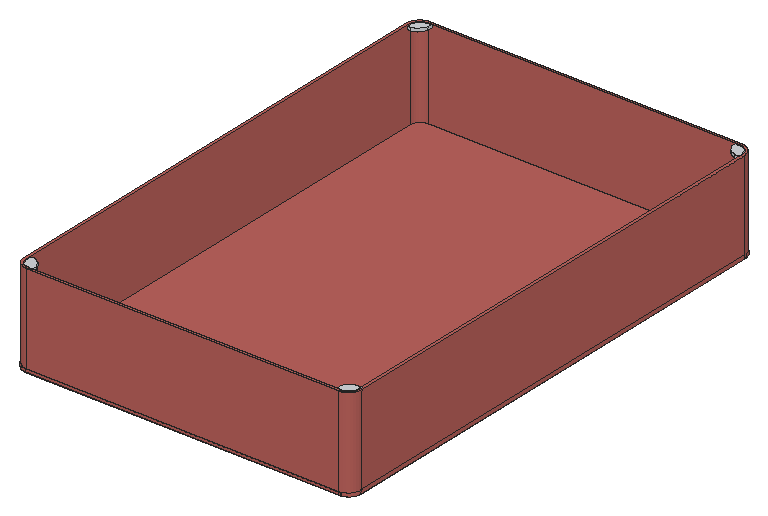
Revit family "Building-RicaricaVeicoliElettrici-GEWISS-JOINON-ICON_SCATOLA-INCASSO", category Apparecchi elettrici, host Superficie, Revit 2019 (continued)
Definition of nested family "2D - 48PTDIN CASSETTE DERIVAZIONE INCASSO"
  Lines and regions (mm)
    detail lines, in view "Livello rif.", not visible, detail levels medium+fine
      curve 359: line (-34.07, -268.868, 0) -> (-34.07, -264.782, 0)
      curve 360: line (-34.07, -264.782, 0) -> (-26.632, -264.782, 0)
      curve 361: line (-26.632, -264.782, 0) -> (-26.632, -263.474, 0)
      curve 362: line (-35.378, -268.868, 0) -> (-35.378, -259.387, 0)
      curve 363: line (-35.378, -259.387, 0) -> (-39.465, -259.387, 0)
      curve 364: line (-39.465, -259.387, 0) -> (-39.465, -268.868, 0)
      curve 365: line (-39.465, -268.868, 0) -> (-35.378, -268.868, 0)
      curve 366: line (-60.43, -253.992, 0) -> (-60.43, -258.079, 0)
      curve 367: line (-60.43, -258.079, 0) -> (-55.812, -258.079, 0)
      curve 368: line (-55.812, -258.079, 0) -> (-53.196, -268.868, 0)
      curve 369: line (-53.196, -268.868, 0) -> (-49.109, -268.868, 0)
      curve 370: line (-49.109, -268.868, 0) -> (-47.904, -262.738, 0)
      curve 371: line (-47.904, -262.738, 0) -> (-46.698, -268.868, 0)
      curve 372: line (-46.698, -268.868, 0) -> (-42.611, -268.868, 0)
      curve 373: line (-42.611, -268.868, 0) -> (-40.2, -258.079, 0)
      curve 374: line (-40.2, -258.079, 0) -> (-35.378, -258.079, 0)
      curve 375: line (-35.378, -258.079, 0) -> (-35.378, -253.992, 0)
      curve 376: line (-35.378, -253.992, 0) -> (-43.347, -253.992, 0)
      curve 377: line (-43.347, -253.992, 0) -> (-44.818, -260.286, 0)
      curve 378: line (-44.818, -260.286, 0) -> (-45.84, -253.992, 0)
      curve 379: line (-45.84, -253.992, 0) -> (-50.09, -253.992, 0)
      curve 380: line (-50.09, -253.992, 0) -> (-51.112, -260.286, 0)
      curve 381: line (-51.112, -260.286, 0) -> (-52.583, -253.992, 0)
      curve 382: line (-52.583, -253.992, 0) -> (-60.43, -253.992, 0)
      curve 383: line (-67.868, -268.868, 0) -> (-67.868, -253.992, 0)
      curve 384: line (-67.868, -253.992, 0) -> (-61.738, -253.992, 0)
      curve 385: line (-61.738, -253.992, 0) -> (-61.738, -258.079, 0)
      curve 386: line (-61.738, -258.079, 0) -> (-63.781, -258.079, 0)
      curve 387: line (-63.781, -258.079, 0) -> (-63.781, -259.387, 0)
      curve 388: line (-63.781, -259.387, 0) -> (-56.343, -259.387, 0)
      curve 389: line (-56.343, -259.387, 0) -> (-56.343, -263.474, 0)
      curve 390: line (-56.343, -263.474, 0) -> (-63.781, -263.474, 0)
      curve 391: line (-63.781, -263.474, 0) -> (-63.781, -264.782, 0)
      curve 392: line (-63.781, -264.782, 0) -> (-56.343, -264.782, 0)
      curve 393: line (-56.343, -264.782, 0) -> (-56.343, -268.868, 0)
      curve 394: line (-56.343, -268.868, 0) -> (-67.868, -268.868, 0)
      curve 395: line (-73.263, -264.782, 0) -> (-73.263, -259.387, 0)
      curve 396: line (-73.263, -259.387, 0) -> (-69.176, -259.387, 0)
      curve 397: line (-69.176, -259.387, 0) -> (-69.176, -268.868, 0)
      curve 398: line (-69.176, -268.868, 0) -> (-72.854, -268.868, 0)
      curve 399: line (-72.854, -268.868, 0) -> (-76.081, -268.132, 0)
      curve 400: line (-76.081, -268.132, 0) -> (-78.669, -266.068, 0)
      curve 401: line (-78.669, -266.068, 0) -> (-80.106, -263.086, 0)
      curve 402: line (-80.106, -263.086, 0) -> (-80.106, -259.775, 0)
      curve 403: line (-80.106, -259.775, 0) -> (-78.669, -256.793, 0)
      curve 404: line (-78.669, -256.793, 0) -> (-76.081, -254.729, 0)
      curve 405: line (-76.081, -254.729, 0) -> (-72.854, -253.992, 0)
      curve 406: line (-72.854, -253.992, 0) -> (-69.176, -253.992, 0)
      curve 407: line (-69.176, -253.992, 0) -> (-69.176, -258.079, 0)
      curve 408: line (-69.176, -258.079, 0) -> (-74.571, -258.079, 0)
      curve 409: line (-74.571, -258.079, 0) -> (-74.571, -264.782, 0)
      curve 410: line (-74.571, -264.782, 0) -> (-73.263, -264.782, 0)
      curve 460: line (-21.237, -236.621, 0) -> (-21.237, -246.102, 0)
      curve 461: line (-21.237, -246.102, 0) -> (-15.311, -246.102, 0)
      curve 462: line (-15.311, -246.102, 0) -> (-15.311, -247.41, 0)
      curve 463: line (-15.311, -247.41, 0) -> (-21.237, -247.41, 0)
      curve 464: line (-21.237, -247.41, 0) -> (-21.237, -251.497, 0)
      curve 465: line (-21.237, -251.497, 0) -> (-17.559, -251.497, 0)
      curve 466: line (-17.559, -251.497, 0) -> (-14.906, -251.008, 0)
      curve 467: line (-14.906, -251.008, 0) -> (-12.602, -249.604, 0)
      curve 468: line (-12.602, -249.604, 0) -> (-10.95, -247.472, 0)
      curve 469: line (-10.95, -247.472, 0) -> (-10.168, -244.89, 0)
      curve 470: line (-10.168, -244.89, 0) -> (-10.37, -242.015, 0)
      curve 471: line (-10.37, -242.015, 0) -> (-17.15, -242.015, 0)
      curve 472: line (-17.15, -242.015, 0) -> (-17.15, -240.708, 0)
      curve 473: line (-17.15, -240.708, 0) -> (-11.33, -240.708, 0)
      curve 474: line (-11.33, -240.708, 0) -> (-11.172, -240.65, 0)
      curve 475: line (-11.172, -240.65, 0) -> (-11.088, -240.505, 0)
      curve 476: line (-11.088, -240.505, 0) -> (-11.118, -240.34, 0)
      curve 477: line (-11.118, -240.34, 0) -> (-12.778, -238.361, 0)
      curve 478: line (-12.778, -238.361, 0) -> (-15.015, -237.069, 0)
      curve 479: line (-15.015, -237.069, 0) -> (-17.559, -236.621, 0)
      curve 480: line (-17.559, -236.621, 0) -> (-21.237, -236.621, 0)
      curve 481: line (-26.632, -246.102, 0) -> (-34.07, -246.102, 0)
      curve 482: line (-34.07, -246.102, 0) -> (-34.07, -236.621, 0)
      curve 483: line (-34.07, -236.621, 0) -> (-22.545, -236.621, 0)
      curve 484: line (-22.545, -236.621, 0) -> (-22.545, -240.708, 0)
      curve 485: line (-22.545, -240.708, 0) -> (-29.983, -240.708, 0)
      curve 486: line (-29.983, -240.708, 0) -> (-29.983, -242.015, 0)
      curve 487: line (-29.983, -242.015, 0) -> (-22.545, -242.015, 0)
      curve 488: line (-22.545, -242.015, 0) -> (-22.545, -251.497, 0)
      curve 489: line (-22.545, -251.497, 0) -> (-34.07, -251.497, 0)
      curve 490: line (-34.07, -251.497, 0) -> (-34.07, -247.41, 0)
      curve 491: line (-34.07, -247.41, 0) -> (-26.632, -247.41, 0)
      curve 492: line (-26.632, -247.41, 0) -> (-26.632, -246.102, 0)
      curve 493: line (-35.378, -251.497, 0) -> (-35.378, -242.015, 0)
      curve 494: line (-35.378, -242.015, 0) -> (-39.465, -242.015, 0)
      curve 495: line (-39.465, -242.015, 0) -> (-39.465, -251.497, 0)
      curve 496: line (-39.465, -251.497, 0) -> (-35.378, -251.497, 0)
      curve 497: line (-60.43, -236.621, 0) -> (-60.43, -240.708, 0)
      curve 498: line (-60.43, -240.708, 0) -> (-55.812, -240.708, 0)
      curve 499: line (-55.812, -240.708, 0) -> (-53.196, -251.497, 0)
      curve 500: line (-53.196, -251.497, 0) -> (-49.109, -251.497, 0)
      curve 501: line (-49.109, -251.497, 0) -> (-47.904, -245.367, 0)
      curve 502: line (-47.904, -245.367, 0) -> (-46.698, -251.497, 0)
      curve 503: line (-46.698, -251.497, 0) -> (-42.611, -251.497, 0)
      curve 504: line (-42.611, -251.497, 0) -> (-40.2, -240.708, 0)
      curve 505: line (-40.2, -240.708, 0) -> (-35.378, -240.708, 0)
      curve 506: line (-35.378, -240.708, 0) -> (-35.378, -236.621, 0)
      curve 507: line (-35.378, -236.621, 0) -> (-43.347, -236.621, 0)
      curve 508: line (-43.347, -236.621, 0) -> (-44.818, -242.915, 0)
      curve 509: line (-44.818, -242.915, 0) -> (-45.84, -236.621, 0)
      curve 510: line (-45.84, -236.621, 0) -> (-50.09, -236.621, 0)
      curve 511: line (-50.09, -236.621, 0) -> (-51.112, -242.915, 0)
      curve 512: line (-51.112, -242.915, 0) -> (-52.583, -236.621, 0)
      curve 513: line (-52.583, -236.621, 0) -> (-60.43, -236.621, 0)
      curve 514: line (-67.868, -251.497, 0) -> (-67.868, -236.621, 0)
      curve 515: line (-67.868, -236.621, 0) -> (-61.738, -236.621, 0)
      curve 516: line (-61.738, -236.621, 0) -> (-61.738, -240.708, 0)
      curve 517: line (-61.738, -240.708, 0) -> (-63.781, -240.708, 0)
      curve 518: line (-63.781, -240.708, 0) -> (-63.781, -242.015, 0)
      curve 519: line (-63.781, -242.015, 0) -> (-56.343, -242.015, 0)
      curve 520: line (-56.343, -242.015, 0) -> (-56.343, -246.102, 0)
      curve 521: line (-56.343, -246.102, 0) -> (-63.781, -246.102, 0)
      curve 522: line (-63.781, -246.102, 0) -> (-63.781, -247.41, 0)
      curve 523: line (-63.781, -247.41, 0) -> (-56.343, -247.41, 0)
      curve 524: line (-56.343, -247.41, 0) -> (-56.343, -251.497, 0)
      curve 525: line (-56.343, -251.497, 0) -> (-67.868, -251.497, 0)
      curve 526: line (-73.263, -247.41, 0) -> (-73.263, -242.015, 0)
      curve 527: line (-73.263, -242.015, 0) -> (-69.176, -242.015, 0)
      curve 528: line (-69.176, -242.015, 0) -> (-69.176, -251.497, 0)
      curve 529: line (-69.176, -251.497, 0) -> (-72.854, -251.497, 0)
      curve 530: line (-72.854, -251.497, 0) -> (-76.081, -250.76, 0)
      curve 531: line (-76.081, -250.76, 0) -> (-78.669, -248.696, 0)
      curve 532: line (-78.669, -248.696, 0) -> (-80.106, -245.714, 0)
      curve 533: line (-80.106, -245.714, 0) -> (-80.106, -242.404, 0)
      curve 534: line (-80.106, -242.404, 0) -> (-78.669, -239.421, 0)
      curve 535: line (-78.669, -239.421, 0) -> (-76.081, -237.357, 0)
      curve 536: line (-76.081, -237.357, 0) -> (-72.854, -236.621, 0)
      curve 537: line (-72.854, -236.621, 0) -> (-69.176, -236.621, 0)
      curve 538: line (-69.176, -236.621, 0) -> (-69.176, -240.708, 0)
      curve 539: line (-69.176, -240.708, 0) -> (-74.571, -240.708, 0)
      curve 540: line (-74.571, -240.708, 0) -> (-74.571, -247.41, 0)
      curve 541: line (-74.571, -247.41, 0) -> (-73.263, -247.41, 0)
  Dimensions and locks
    equal spacing: plane 4, plane 3 "Centro (Sinistra/Destra)", plane 5
    equal spacing: plane 6, plane 1 "Centro (Fronte/Retro)", plane 7
    "Larghezza": plane 6 to plane 7
    "Lunghezza": plane 4 to plane 5
    locked: plane 4 to curve 149 at 17.894
    locked: curve 99 to plane 6 at 17.619
    aligned and locked: curve 73 to plane 6
    aligned and locked: curve 326 to plane 7
    aligned and locked: plane 5 to curve 327
    aligned and locked: plane 4 to curve 72
  Automatic sketch dimensions
    curve 43 to curve 55 = 0 mm  (x2)
    curve 43 to curve 63 = 0 mm  (x2)
    curve 43 to curve 64 = 0 mm  (x2)
    curve 46 to curve 57 = 0 mm  (x2)
    curve 46 to curve 66 = 0 mm  (x2)
    curve 46 to curve 68 = 0 mm  (x2)
    curve 49 to curve 56 = 0 mm  (x2)
    curve 49 to curve 61 = 0 mm  (x2)
    curve 49 to curve 62 = 0 mm  (x2)
    curve 52 to curve 58 = 0 mm  (x2)
    curve 52 to curve 65 = 0 mm  (x2)
    curve 52 to curve 67 = 0 mm  (x2)
    curve 27 to plane 4 = 0 mm
    plane 1 "Centro (Fronte/Retro)" to curve 286 = 0 mm
    curve 326 to plane 7 = 0 mm
    curve 27 to plane 6 = 0 mm
    curve 328 to plane 3 "Centro (Sinistra/Destra)" = 0 mm
    plane 1 "Centro (Fronte/Retro)" to curve 226 = 0 mm
    curve 28 to plane 5 = 0 mm
    plane 4 to curve 48 = 1.813 mm
    plane 4 to curve 54 = 1.813 mm
    curve 54 to curve 52 = 0.187 mm
    curve 48 to curve 46 = 0.187 mm
    curve 70 to curve 52 = 0 mm
    curve 60 to curve 46 = 0 mm
    curve 70 to curve 53 = 1.502 mm
    curve 60 to curve 47 = 1.502 mm
    plane 4 to curve 33 = 5.985 mm
    plane 4 to curve 38 = 5.985 mm
    curve 33 to curve 40 = 4.014 mm
    curve 40 to curve 30 = 0.001 mm  (x2)
    curve 38 to curve 27 = 4.015 mm
    curve 27 to curve 42 = 0.006 mm
    curve 42 to curve 37 = 0.009 mm
    curve 40 to curve 34 = 0.016 mm
    curve 36 to plane 5 = 10.015 mm
    curve 31 to plane 5 = 10.015 mm
    curve 31 to curve 39 = 0.013 mm
    curve 39 to curve 29 = 0.002 mm
    curve 36 to curve 28 = 0.015 mm
    curve 29 to curve 32 = 4.015 mm
    curve 41 to curve 35 = 4.008 mm
    curve 50 to plane 5 = 3.502 mm
    curve 44 to plane 5 = 3.502 mm
    curve 50 to curve 56 = 1.502 mm
    curve 44 to curve 63 = 1.502 mm
    curve 69 to curve 49 = 0 mm
    curve 59 to curve 43 = 0 mm
    curve 43 to curve 45 = 0.187 mm
    curve 49 to curve 51 = 0.187 mm
    plane 7 to curve 44 = 1.813 mm
    plane 7 to curve 47 = 1.813 mm
    curve 47 to curve 60 = 0.185 mm
    curve 44 to curve 59 = 0.185 mm
    curve 59 to curve 63 = 0.002 mm
    curve 60 to curve 66 = 0.002 mm
    curve 43 to curve 45 = 1.502 mm
    curve 46 to curve 48 = 1.502 mm
    curve 31 to curve 29 = 4.015 mm
    curve 34 to curve 30 = 4.015 mm
    curve 29 to curve 39 = 0.006 mm
    curve 39 to curve 32 = 0.01 mm
    curve 40 to curve 33 = 0.017 mm
    curve 38 to curve 27 = 0.015 mm
    curve 35 to curve 28 = 0.015 mm
    curve 42 to curve 27 = 0.002 mm
    curve 28 to curve 41 = 0.006 mm
    curve 41 to curve 36 = 4.009 mm
    curve 27 to curve 37 = 4.015 mm
    curve 51 to plane 6 = 3.502 mm
    curve 54 to plane 6 = 3.502 mm
    curve 54 to curve 52 = 1.502 mm
    curve 51 to curve 61 = 1.502 mm
    curve 49 to curve 69 = 0.002 mm
    curve 52 to curve 70 = 0.002 mm
    curve 70 to curve 53 = 0.185 mm
    curve 69 to curve 50 = 0.185 mm
    plane 4 to curve 65 = 2.57 mm
    plane 4 to curve 68 = 2.57 mm
    curve 68 to curve 68 = 1.201 mm
    curve 65 to curve 53 = 1.201 mm
    curve 159 to curve 33 = 1.105 mm  (x2)
    curve 162 to curve 38 = 1.105 mm
    curve 162 to curve 38 = 0 mm
    curve 159 to curve 33 = 0 mm  (x2)
    curve 47 to curve 47 = 1.641 mm
    curve 53 to curve 53 = 1.641 mm
    curve 47 to curve 66 = 0.626 mm
    curve 53 to curve 67 = 0.626 mm
    curve 67 to curve 281 = 0.003 mm
    curve 66 to curve 277 = 0.003 mm
    curve 281 to curve 282 = 0.006 mm
    curve 277 to curve 278 = 0.006 mm
    plane 4 to curve 289 = 6.068 mm
    plane 1 "Centro (Fronte/Retro)" to curve 276 = 0.75 mm
    plane 4 to curve 276 = 6.068 mm
    curve 282 to curve 283 = 0.193 mm
    curve 278 to curve 278 = 0.193 mm
    curve 279 to curve 186 = 0.801 mm
    curve 281 to curve 283 = 0.801 mm
    curve 33 to curve 158 = 1.108 mm
    curve 38 to curve 38 = 1.11 mm
    curve 194 to curve 196 = 0.497 mm
    curve 273 to curve 173 = 1.47 mm
    curve 289 to curve 174 = 1.47 mm
    curve 279 to curve 187 = 0.497 mm
    curve 268 to curve 185 = 1.47 mm
    curve 185 to curve 46 = 0 mm
    curve 194 to curve 52 = 0 mm
    curve 162 to curve 37 = 1.11 mm
    curve 34 to curve 34 = 1.108 mm
    curve 174 to curve 288 = 2.962 mm
    curve 186 to curve 267 = 3.459 mm
    curve 283 to curve 292 = 3.459 mm
    curve 274 to curve 267 = 0 mm
    curve 34 to curve 34 = 1.105 mm
    curve 37 to curve 37 = 1.105 mm
    curve 37 to curve 163 = 0 mm
    curve 34 to curve 158 = 0 mm  (x2)
    curve 266 to curve 320 = 1.5 mm
    curve 163 to curve 197 = 1.842 mm
    curve 158 to curve 182 = 1.842 mm
    curve 182 to curve 46 = 0 mm  (x2)
    curve 197 to curve 52 = 0 mm
    curve 182 to curve 272 = 0.237 mm
    curve 197 to curve 198 = 0.237 mm
    curve 306 to curve 304 = 0.324 mm
    curve 271 to curve 272 = 0.324 mm
    curve 307 to plane 6 = 6.24 mm
    curve 307 to curve 58 = 0.052 mm
    curve 270 to curve 57 = 0.052 mm
    curve 305 to plane 6 = 6.046 mm
    curve 58 to curve 305 = 0.015 mm
    plane 7 to curve 269 = 6.046 mm
    curve 57 to curve 269 = 0.015 mm
    plane 7 to curve 270 = 6.041 mm
    curve 269 to curve 270 = 0.002 mm
    curve 304 to plane 6 = 6.041 mm
    curve 305 to curve 304 = 0.002 mm
    curve 304 to curve 54 = 0.183 mm
    curve 270 to curve 57 = 0.183 mm
    curve 54 to curve 70 = 0.149 mm
    curve 48 to curve 60 = 0.149 mm
    curve 54 to curve 70 = 0.117 mm
    curve 48 to curve 60 = 0.117 mm
    curve 46 to curve 265 = 7.537 mm
    curve 52 to curve 294 = 7.537 mm
    curve 265 to curve 320 = 0.555 mm
    curve 293 to curve 322 = 0.555 mm
    curve 322 to curve 294 = 13.395 mm
    curve 319 to curve 184 = 13.395 mm
    curve 264 to curve 261 = 1.5 mm
    curve 294 to curve 298 = 1.5 mm
    curve 299 to plane 6 = 11 mm
    curve 299 to plane 3 "Centro (Sinistra/Destra)" = 23.15 mm
    plane 7 to curve 260 = 6.068 mm
    curve 260 to plane 3 "Centro (Sinistra/Destra)" = 23.15 mm
    curve 260 to curve 258 = 1.5 mm
    curve 299 to curve 300 = 1.5 mm
    curve 257 to curve 319 = 10.282 mm
    curve 301 to curve 303 = 10.282 mm
    curve 256 to curve 318 = 0 mm
    curve 324 to curve 303 = 0 mm
    curve 256 to plane 3 "Centro (Sinistra/Destra)" = 1.2 mm
    curve 303 to plane 3 "Centro (Sinistra/Destra)" = 1.2 mm
    plane 3 "Centro (Sinistra/Destra)" to curve 208 = 1.2 mm
    plane 3 "Centro (Sinistra/Destra)" to curve 244 = 1.2 mm
    curve 315 to curve 314 = 10.168 mm
    curve 244 to curve 244 = 10.168 mm
    curve 309 to curve 244 = 0 mm
    curve 209 to curve 314 = 0 mm
    curve 208 to curve 201 = 10.282 mm
    curve 244 to curve 246 = 10.282 mm
    curve 246 to curve 248 = 1.5 mm
    curve 201 to curve 168 = 1.5 mm
    curve 250 to curve 31 = 25.935 mm
    curve 213 to plane 6 = 11 mm
    curve 213 to curve 28 = 25.95 mm
    curve 168 to curve 188 = 1.5 mm
    curve 249 to curve 235 = 1.5 mm
    curve 310 to curve 39 = 11.119 mm
    curve 313 to curve 28 = 11.055 mm
    curve 313 to curve 217 = 0.555 mm
    curve 310 to curve 233 = 0.621 mm
    curve 59 to curve 39 = 4.039 mm
    curve 69 to curve 41 = 4.048 mm
    curve 59 to curve 59 = 0.117 mm
    curve 69 to curve 51 = 0.117 mm
    curve 59 to curve 55 = 0.149 mm
    curve 51 to curve 56 = 0.149 mm
    curve 204 to plane 6 = 6.041 mm
    curve 51 to curve 204 = 0.183 mm
    plane 7 to curve 252 = 6.041 mm
    curve 45 to curve 252 = 0.183 mm
    curve 205 to plane 6 = 6.046 mm
    curve 204 to curve 205 = 0.002 mm
    plane 7 to curve 253 = 6.046 mm
    curve 252 to curve 253 = 0.002 mm
    curve 252 to curve 55 = 0.017 mm
    curve 204 to curve 56 = 0.017 mm
    curve 207 to plane 6 = 6.24 mm
    curve 205 to curve 207 = 0.067 mm
    curve 253 to curve 253 = 0.067 mm
    plane 7 to curve 254 = 6.24 mm
    curve 252 to curve 180 = 0.324 mm
    curve 205 to curve 189 = 0.324 mm
    curve 190 to curve 49 = 0.237 mm
    curve 181 to curve 43 = 0.237 mm
    curve 43 to curve 180 = 0 mm
    curve 49 to curve 189 = 0 mm
    curve 312 to curve 39 = 1.998 mm
    curve 160 to curve 36 = 1.108 mm
    curve 31 to curve 31 = 1.102 mm
    curve 312 to curve 218 = 1.5 mm
    curve 222 to curve 219 = 0 mm
    curve 229 to plane 5 = 10.5 mm
    curve 71 to curve 218 = 0 mm
    curve 231 to curve 228 = 0 mm
    curve 31 to curve 31 = 1.105 mm  (x2)
    curve 31 to curve 74 = 0 mm  (x2)
    curve 36 to curve 36 = 1.108 mm
    curve 49 to curve 35 = 1.553 mm
    curve 43 to curve 32 = 1.553 mm
    curve 43 to curve 178 = 0 mm
    curve 223 to curve 169 = 2.962 mm
    curve 193 to curve 169 = 0 mm
    plane 1 "Centro (Fronte/Retro)" to curve 170 = 0.75 mm
    curve 170 to curve 169 = 0 mm
    curve 35 to curve 35 = 1.108 mm  (x2)
    curve 75 to curve 32 = 1.105 mm
    curve 75 to curve 32 = 0 mm  (x2)
    curve 176 to curve 177 = 0.497 mm
    curve 191 to curve 238 = 0.497 mm
    curve 177 to curve 242 = 0.801 mm
    curve 238 to curve 239 = 0.801 mm
    curve 176 to curve 231 = 1.47 mm
    curve 169 to curve 222 = 1.47 mm
    curve 170 to curve 226 = 1.47 mm
    curve 237 to curve 237 = 0.193 mm
    curve 241 to curve 241 = 0.193 mm
    curve 241 to curve 240 = 0.006 mm
    curve 237 to curve 236 = 0.006 mm
    curve 236 to curve 62 = 0.003 mm
    curve 240 to curve 63 = 0.003 mm
    curve 236 to curve 50 = 0.629 mm
    curve 240 to curve 44 = 0.629 mm
    curve 32 to curve 32 = 1.102 mm
    curve 50 to curve 61 = 1.641 mm
    curve 44 to curve 44 = 1.641 mm
    curve 44 to curve 64 = 1.201 mm
    curve 50 to curve 61 = 1.201 mm
    curve 164 to plane 5 = 2.371 mm
    curve 328 to curve 308 = 0.038 mm
    curve 328 to curve 317 = 0.038 mm
    plane 7 to curve 59 = 2.568 mm
    plane 7 to curve 60 = 2.568 mm
    curve 159 to curve 34 = 1.102 mm
    plane 7 to curve 262 = 6.068 mm
    plane 7 to curve 246 = 6.068 mm
    curve 252 to curve 255 = 0.801 mm
    curve 271 to curve 272 = 0.801 mm
    curve 258 to curve 202 = 1.47 mm
    curve 182 to curve 182 = 0.497 mm
    curve 246 to curve 200 = 1.47 mm
    curve 247 to curve 171 = 1.47 mm
    curve 262 to curve 172 = 1.47 mm
    curve 263 to curve 184 = 1.47 mm
    curve 235 to curve 179 = 1.47 mm
    curve 179 to curve 43 = 0 mm
    curve 74 to curve 32 = 1.108 mm
    curve 200 to curve 245 = 3.462 mm
    curve 179 to curve 235 = 3.462 mm
    curve 260 to curve 258 = 0 mm
    curve 250 to curve 234 = 0 mm
    curve 264 to curve 262 = 0 mm
    curve 46 to curve 266 = 3.462 mm
    curve 244 to curve 309 = 1.5 mm
    curve 265 to curve 319 = 1.5 mm
    curve 233 to curve 311 = 1.5 mm
    curve 46 to curve 187 = 0 mm
    curve 43 to curve 177 = 0 mm
    curve 176 to curve 243 = 0.237 mm
    curve 185 to curve 186 = 0.237 mm
    curve 177 to curve 241 = 0.324 mm
    curve 186 to curve 280 = 0.324 mm
    curve 241 to curve 63 = 0.052 mm
    curve 277 to curve 66 = 0.052 mm
    curve 63 to curve 241 = 0.015 mm
    curve 66 to curve 278 = 0.015 mm
    curve 241 to curve 240 = 0.002 mm
    curve 278 to curve 277 = 0.002 mm
    curve 186 to curve 266 = 7.8 mm
    curve 177 to curve 232 = 7.8 mm
    curve 266 to curve 320 = 0.555 mm
    curve 232 to curve 312 = 0.621 mm
    curve 311 to curve 232 = 13.229 mm
    curve 266 to curve 273 = 13.85 mm
    curve 268 to curve 273 = 1.5 mm
    curve 231 to curve 228 = 1.5 mm
    curve 224 to plane 1 "Centro (Fronte/Retro)" = 0.75 mm
    curve 174 to plane 1 "Centro (Fronte/Retro)" = 0.75 mm
    curve 288 to curve 42 = 26.348 mm
    curve 169 to curve 35 = 26.335 mm
    curve 289 to curve 291 = 1.5 mm
    curve 222 to curve 219 = 1.5 mm
    curve 219 to curve 71 = 4.227 mm
    curve 71 to curve 71 = 8.623 mm
    curve 71 to curve 312 = 0.445 mm
    curve 321 to curve 42 = 11.553 mm
    curve 321 to curve 293 = 0.555 mm
    curve 71 to curve 219 = 1 mm
    curve 61 to curve 41 = 4.047 mm
    curve 65 to curve 42 = 4.039 mm
    curve 281 to curve 67 = 0.017 mm
    curve 236 to curve 62 = 0.017 mm
    curve 236 to curve 237 = 0.002 mm
    curve 281 to curve 282 = 0.002 mm
    curve 237 to curve 237 = 0.067 mm
    curve 282 to curve 281 = 0.067 mm
    curve 236 to curve 239 = 0.324 mm
    curve 281 to curve 194 = 0.324 mm
    curve 194 to curve 52 = 0.237 mm
    curve 192 to curve 49 = 0.237 mm
    curve 49 to curve 193 = 0 mm
    curve 52 to curve 194 = 0 mm
    curve 314 to curve 49 = 4.962 mm
    curve 160 to curve 35 = 1.102 mm
    curve 38 to curve 38 = 1.1 mm
    curve 322 to curve 294 = 1.5 mm
    curve 294 to curve 297 = 0 mm
    curve 299 to curve 301 = 0 mm
    curve 314 to curve 209 = 1.5 mm
    curve 213 to curve 216 = 0 mm
    curve 38 to curve 162 = 0 mm
    curve 52 to curve 199 = 0 mm
    curve 208 to curve 201 = 3.462 mm
    curve 49 to curve 190 = 0 mm
    curve 203 to curve 201 = 0 mm
    curve 199 to curve 175 = 0 mm
    curve 168 to curve 188 = 0 mm
    curve 163 to curve 37 = 1.105 mm
    curve 163 to curve 37 = 0 mm
    curve 160 to curve 36 = 1.102 mm
    curve 188 to curve 206 = 0.497 mm
    curve 197 to curve 197 = 0.497 mm
    curve 175 to curve 296 = 1.47 mm
    curve 168 to curve 215 = 1.47 mm
    curve 175 to curve 299 = 1.47 mm
    curve 168 to curve 212 = 1.47 mm
    curve 304 to curve 58 = 0.003 mm
    curve 204 to curve 56 = 0.003 mm
    curve 325 to curve 316 = 0 mm
    curve 325 to curve 328 = 0.041 mm
